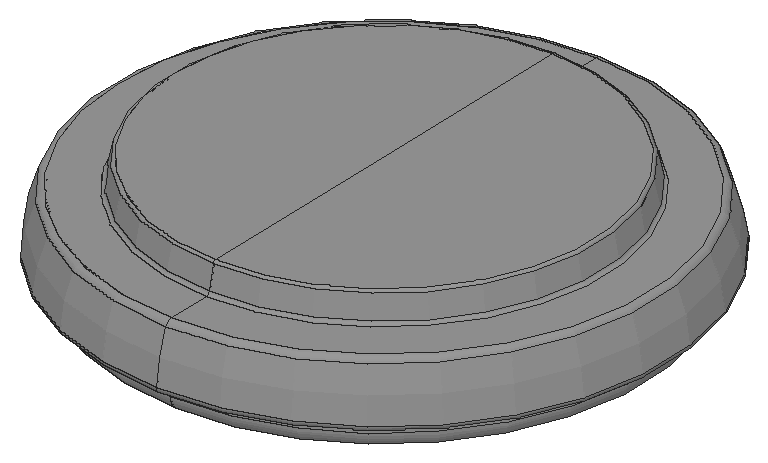
Revit family "FMK11_63_UN_Surface-mounted_ETK", category Lighting Fixtures, Revit 2017 (continued)
Definition of nested family "FMK.1 - Lightsource"
  Types (13, lengths in mm): name | Wattage Comments | Photometric Web File | built-in parameter 1150142 | Apparent Load
      7\t845.6279\t837.2505\t828.7046\r\n820.8892\t808.5294\t794.6828\t780.7313\t766.7399\t753.3042\t736.8157\t717.376\t698.4828\t679.6018\r\n660.7454\t640.362\t616.5052\t593.2118\t569.9003\t546.5645\t521.7449\t492.9603\t464.7713\t436.5529\r\n408.4089\t380.2993\t352.2163\t324.1871\t296.1648\t295.0992\t58.3298\t0\t0\t0\r\n0\t0\t0\t0\t0\t0\r\n874.5378\t873.1787\t871.8906\t869.4225\t865.4741\t861.5098\t853.6663\t845.5419\t837.3296\t828.966\r\n820.9946\t808.168\t794.4658\t780.6698\t766.7676\t753.3828\t735.9125\t717.1808\t698.4002\t679.6289\r\n661.3763\t639.5511\t616.3854\t593.1622\t569.9268\t547.3452\t520.7008\t492.559\t464.4021\t436.3034\r\n408.2306\t380.1924\t352.1746\t324.1506\t296.1435\t291.7229\t42.0496\t0\t0\t0\r\n0\t0\t0\t0\t0\t0\r\n874.5378\t873.1872\t871.8792\t869.3796\t865.4501\t861.5019\t853.6048\t845.4724\t837.3383\t829.125\r\n821.257\t808.0996\t794.2463\t780.4905\t766.783\t753.4813\t735.7151\t717.0553\t698.4012\t679.7154\r\n661.4284\t639.2059\t616.1027\t593.032\t569.9375\t547.3608\t520.2839\t492.1925\t464.1315\t436.0946\r\n408.059\t380.0439\t352.0407\t324.044\t296.0592\t287.2616\t29.2412\t0\t0\t0\r\n0\t0\t0\t0\t0\t0\r\n874.5378\t873.1946\t871.8708\t869.3429\t865.3511\t861.4654\t853.522\t845.3876\t837.3038\t829.213\r\n821.3983\t808.0589\t794.2785\t780.4806\t766.7138\t753.3578\t735.4135\t716.9221\t698.3876\t679.8174\r\n661.6144\t639.1454\t616.089\t593.0322\t569.9791\t547.3253\t519.937\t491.9011\t463.8912\t435.8826\r\n407.9047\t379.9152\t351.9308\t323.9706\t296.0103\t282.4648\t19.3452\t0\t0\t0\r\n0\t0\t0\t0\t0\t0\r\n874.5378\t873.2008\t871.8658\t869.3122\t865.3181\t861.3444\t853.4315\t845.314\t837.1882\t829.0836\r\n821.3316\t807.9939\t794.3269\t780.6068\t766.7932\t753.2953\t735.1635\t716.7098\t698.244\t679.7566\r\n661.541\t638.9137\t615.9516\t592.9558\t569.9576\t547.2581\t519.6607\t491.6764\t463.7221\t435.7385\r\n407.7559\t379.7909\t351.82\t323.8538\t295.9054\t277.7253\t11.876\t0\t0\t0\r\n0\t0\t0\t0\t0\t0\r\n874.5378\t873.2063\t871.8819\t869.2874\t865.299\t861.3052\t853.3055\t845.2393\t837.1371\t829.0142\r\n821.0261\t807.611\t794.0568\t780.5616\t766.9301\t753.4319\t735.1638\t716.7034\t698.239\t679.8087\r\n661.5455\t638.787\t615.8396\t592.8931\t569.9362\t547.1758\t519.4196\t491.4447\t463.4832\t435.5123\r\n407.5575\t379.6062\t351.6484\t323.704\t295.7593\t273.5651\t6.4599\t0\t0\t0\r\n0\t0\t0\t0\t0\t0\r\n874.5378\t873.2105\t871.8807\t869.2628\t865.2938\t861.3005\t853.2621\t845.2028\t837.128\t829.06\r\n821.0427\t807.5309\t793.9063\t780.3313\t766.755\t753.2447\t734.942\t716.5464\t698.1597\t679.7663\r\n661.4406\t638.6005\t615.6694\t592.7384\t569.8083\t546.9635\t519.1064\t491.1625\t463.2285\t435.2879\r\n407.3554\t379.4271\t351.4835\t323.553\t295.6103\t270.2942\t2.8007\t0\t0\t0\r\n0\t0\t0\t0\t0\t0\r\n874.5378\t873.2137\t871.8805\t869.2526\t865.3191\t861.3779\t853.3055\t845.2304\t837.1334\t829.0749\r\n821.0348\t807.4942\t793.9368\t780.3801\t766.8224\t753.2824\t734.9445\t716.5876\t698.2309\t679.8615\r\n661.5194\t638.5978\t615.6583\t592.7294\t569.7867\t546.8703\t518.9484\t491.0018\t463.0691\t435.1272\r\n407.1843\t379.2411\t351.3004\t323.3593\t295.4183\t268.1597\t0.6894\t0\t0\t0\r\n0\t0\t0\t0\t0\t0\r\n874.5378\t873.2162\t871.8817\t869.2512\t865.3246\t861.398\t853.3139\t845.2299\t837.1587\t829.0747\r\n820.9909\t807.4275\t793.8644\t780.3012\t766.7379\t753.1619\t734.7868\t716.3988\t698.0109\t679.6229\r\n661.2479\t638.3686\t615.4767\t592.5977\t569.7187\t546.8395\t518.879\t490.9314\t462.9709\t435.0106\r\n407.0501\t379.1025\t351.142\t323.1814\t295.2209\t267.2733\t0\t0\t0\t0\r\n0\t0\t0\t0\t0\t0\r\n874.5378\t873.2174\t871.8842\t869.2581\t865.33\t861.4047\t853.311\t845.2056\t837.0739\t828.9462\r\n820.8403\t807.3318\t793.812\t780.2968\t766.7726\t753.2824\t734.8778\t716.4489\t698.0158\t679.5644\r\n661.1377\t638.226\t615.3145\t592.3919\t569.4886\t546.6473\t518.7089\t490.7526\t462.7876\t434.832\r\n406.8651\t378.8974\t350.9408\t322.9721\t295.0166\t267.7135\t0.6882\t0\t0\t0\r\n0\t0\t0\t0\t0\t0\r\n874.5378\t873.2177\t871.8879\t869.2735\t865.3469\t861.3799\t853.2844\t845.155\t837.0176\t828.8619\r\n820.7739\t807.3132\t793.8041\t780.2628\t766.7183\t753.2454\t734.8257\t716.3247\t697.8308\t679.3293\r\n660.9416\t638.108\t615.1923\t592.2845\t569.3639\t546.5397\t518.6258\t490.6343\t462.6452\t434.6416\r\n406.6545\t378.671\t350.6837\t322.6904\t294.7068\t269.3434\t2.7907\t0\t0\t0\r\n0\t0\t0\t0\t0\t0\r\n874.5378\t873.2169\t871.8926\t869.3412\t865.3486\t861.3804\t853.3\t845.1503\t837.0129\t828.8406\r\n820.781\t807.3419\t793.7647\t780.1949\t766.6136\t753.1874\t734.828\t716.2947\t697.7396\t679.1926\r\n660.798\t638.0135\t615.0616\t592.1117\t569.1699\t546.4236\t518.594\t490.5681\t462.5307\t434.4953\r\n406.4633\t378.4463\t350.4245\t322.4064\t294.4018\t272.1014\t6.4249\t0\t0\t0\r\n0\t0\t0\t0\t0\t0\r\n874.5378\t873.2152\t871.9278\t869.3558\t865.3439\t861.3861\t853.3487\t845.1726\t836.967\t828.727\r\n820.664\t807.3077\t793.6823\t780.0565\t766.3986\t753.0359\t734.7796\t716.1724\t697.5441\t678.9154\r\n660.5438\t637.9001\t614.9125\t591.9018\t568.8701\t546.1409\t518.4497\t490.3558\t462.2465\t434.1892\r\n406.1466\t378.1144\t350.0904\t322.0724\t294.0605\t275.7519\t11.7902\t0\t0\t0\r\n0\t0\t0\t0\t0\t0\r\n874.5378\t873.2125\t871.9301\t869.3625\t865.3333\t861.4025\t853.3886\t845.1642\t836.8993\t828.5519\r\n820.5008\t807.2182\t793.5762\t779.9097\t766.2426\t752.8677\t734.7486\t716.0623\t697.3795\t678.6902\r\n660.3598\t637.8116\t614.703\t591.6\t568.5132\t545.9536\t518.4934\t490.3721\t462.235\t434.1121\r\n405.9648\t377.8798\t349.8149\t321.752\t293.7119\t279.934\t19.1677\t0\t0\t0\r\n0\t0\t0\t0\t0\t0\r\n874.5378\t873.2087\t871.9283\t869.3615\t865.3142\t861.4034\t853.4312\t845.153\t836.7716\t828.2778\r\n820.2997\t807.3122\t793.6719\t779.8871\t766.0274\t752.6458\t734.7694\t716.0323\t697.2557\t678.4638\r\n660.1817\t637.9182\t614.73\t591.4671\t568.2176\t545.5107\t518.3416\t490.1876\t462.0312\t433.8869\r\n405.7513\t377.6234\t349.5079\t321.3916\t293.2989\t284.1544\t28.9161\t0\t0\t0\r\n0\t0\t0\t0\t0\t0\r\n874.5378\t873.2038\t871.9226\t869.3526\t865.2926\t861.396\t853.4883\t845.0821\t836.5563\t828.1191\r\n820.3394\t807.5393\t793.6652\t779.7566\t765.8495\t752.4732\t734.8709\t715.9857\t697.1124\t678.2287\r\n659.8486\t637.8277\t614.451\t591.1489\t567.8835\t545.2682\t518.535\t490.2868\t462.0508\t433.819\r\n405.599\t377.4086\t349.2259\t321.0734\t292.9314\t288.0436\t41.5021\t0\t0\t0\r\n0\t0\t0\t0\t0\t0\r\n874.5378\t873.1653\t871.9129\t869.3206\t865.2668\t861.4007\t853.4932\t844.934\t836.47\t828.0812\r\n820.2094\t807.6214\t793.6578\t779.6636\t765.5934\t752.0593\t735.5085\t715.9368\t696.9351\t677.8584\r\n658.7356\t638.292\t614.4044\t591.0443\t567.6866\t544.304\t519.3028\t490.3332\t461.9982\t433.6833\r\n405.3974\t377.1517\t348.9276\t320.723\t292.5515\t290.8817\t57.4609\t0\t0\t0\r\n0\t0\t0\t0\t0\t0\r\n874.5378\t873.1594\t871.8996\t869.3025\t865.2375\t861.3385\t853.4196\t844.908\t836.4832\t827.9292\r\n819.9316\t807.7258\t793.6464\t779.4456\t765.2737\t751.0757\t735.6312\t715.9911\t696.7548\t677.5122\r\n658.3453\t638.4048\t614.4245\t590.8503\t567.3218\t543.8124\t519.3638\t490.4245\t462.0381\t433.6563\r\n405.2967\t376.956\t348.6364\t320.3659\t292.1286\t291.9233\t77.4293\t0\t0\t0\r\n0\t0\t0\t0\t0\t0\r\n874.5378\t873.1534\t871.8827\t869.2822\t865.215\t861.238\t853.4466\t844.9759\t836.4204\t827.7241\r\n818.9191\t808.4396\t793.5628\t779.3941\t765.1038\t750.8009\t735.6841\t715.8661\t696.6742\t677.3612\r\n657.9261\t638.2092\t614.3411\t590.6648\t567.015\t543.4159\t519.4623\t490.6092\t462.0416\t433.4799\r\n405.0336\t376.6498\t348.2942\t319.9803\t291.7083\t263.4712\t160.4034\t0\t0\t0\r\n0\t0\t0\t0\t0\t0\r\n874.5378\t873.1477\t871.8619\t869.2593\t865.1716\t861.0587\t853.5235\t845.0092\t836.3294\t827.5569\r\n818.5312\t808.4001\t793.7203\t779.3638\t764.9143\t750.195\t735.4562\t716.0883\t696.5906\t677.0308\r\n657.4478\t637.9207\t614.2992\t590.5998\t566.774\t542.8288\t519.1553\t490.67\t462.0466\t433.4484\r\n404.8989\t376.4164\t347.9938\t319.613\t291.2777\t263.0144\t184.51\t0\t0\t0\r\n0\t0\t0\t0\t0\t0\r\n874.5378\t873.1423\t871.8214\t869.2343\t865.1225\t860.9335\t854.1648\t845.025\t836.2902\t827.3501\r\n818.0969\t808.537\t793.8403\t779.2954\t764.5287\t749.9304\t735.4085\t716.1846\t696.4574\t676.7315\r\n656.9624\t637.7089\t614.426\t590.2698\t566.3735\t542.4149\t518.8773\t490.8972\t462.1599\t433.4591\r\n404.7836\t376.1976\t347.6786\t319.2432\t290.8385\t262.4971\t206.9558\t0\t0\t0\r\n0\t0\t0\t0\t0\t0\r\n874.5378\t873.1371\t871.7974\t869.2045\t865.0709\t860.8053\t854.2772\t845.095\t836.2942\t827.0798\r\n817.8728\t808.475\t793.9383\t779.1604\t764.5213\t749.55\t734.9988\t716.2734\t696.4663\t676.581\r\n656.5889\t636.4035\t615.0402\t590.3719\t566.1577\t541.9601\t518.3775\t491.169\t462.2869\t433.4958\r\n404.7142\t375.9673\t347.3617\t318.8732\t290.4122\t262.0192\t226.7248\t0\t0\t0\r\n0\t0\t0\t0\t0\t0\r\n874.5378\t873.1321\t871.7723\t869.1765\t865.0118\t860.1806\t854.362\t845.25\t836.2505\t826.93\r\n817.5699\t808.2184\t794.0459\t779.3879\t764.3095\t749.0823\t733.7856\t717.1666\t696.5144\t676.2573\r\n656.1331\t635.9858\t615.1213\t590.3305\t565.9234\t541.5204\t517.1911\t492.0191\t462.4518\t433.5271\r\n404.7176\t375.8832\t347.0934\t318.4429\t289.9088\t261.4666\t242.4907\t0\t0\t0\r\n0\t0\t0\t0\t0\t0\r\n874.5378\t873.1276\t871.7463\t869.1475\t865.1507\t860.059\t854.4649\t845.3869\t836.1791\t826.8843\r\n817.1853\t807.8265\t794.4898\t779.3946\t764.1011\t748.7048\t733.2358\t717.1317\t696.5003\t676.2439\r\n655.8685\t635.3524\t614.9014\t590.4089\t565.8118\t541.1035\t516.5141\t492.0967\t462.8679\t433.6426\r\n404.5624\t375.6186\t346.7992\t318.0818\t289.4678\t260.9595\t252.9585\t20.8546\t0\t0\r\n0\t0\t0\t0\t0\t0\r\n874.5378\t873.1239\t871.7193\t869.1177\t865.1083\t859.9445\t854.5656\t845.5213\t836.2176\t826.7529\r\n816.8356\t806.7715\t795.3953\t779.4412\t763.9771\t748.401\t732.6044\t716.8924\t696.7922\t676.2588\r\n655.5476\t634.8207\t614.4939\t590.5547\t565.6334\t540.9101\t516.0191\t491.6092\t463.0361\t433.7875\r\n404.6152\t375.564\t346.5899\t317.7396\t289.041\t260.4697\t256.5419\t50.1377\t0\t0\r\n0\t0\t0\t0\t0\t0\r\n874.5378\t873.1205\t871.6917\t869.088\t865.0614\t859.8254\t854.696\t845.6292\t836.3411\t826.5904\r\n816.5157\t806.4174\t795.3129\t779.5699\t763.935\t748.09\t732.0432\t716.4675\t697.1364\t676.2838\r\n655.3747\t634.3634\t613.1904\t591.2615\t565.7319\t540.5021\t515.3078\t490.357\t464.0817\t434.0702\r\n404.678\t375.4752\t346.3727\t317.3755\t288.5998\t260.0059\t231.5276\t139.1196\t0\t0\r\n0\t0\t0\t0\t0\t0\r\n874.5378\t873.1177\t871.6635\t869.0711\t864.9875\t859.7376\t854.7265\t845.8345\t836.4197\t826.4806\r\n816.3763\t805.8271\t795.1493\t779.78\t763.9449\t747.8715\t731.5665\t715.166\t697.934\t676.4773\r\n655.282\t633.8937\t612.5424\t591.1011\t565.5151\t540.2392\t514.9713\t489.6705\t464.1712\t434.3641\r\n404.731\t375.3413\t346.1916\t317.1283\t288.2271\t259.5707\t231.0395\t174.8013\t0\t0\r\n0\t0\t0\t0\t0\t0\r\n874.5378\t873.116\t871.6347\t869.0359\t864.9399\t859.6699\t854.6911\t846.1371\t836.4834\t826.4067\r\n816.1692\t805.3173\t794.7319\t780.0969\t764.0892\t747.6697\t731.16\t714.4374\t697.8291\t676.7816\r\n655.2197\t633.5857\t611.8363\t590.2859\t565.8254\t540.2301\t514.5244\t488.963\t463.7469\t434.6274\r\n404.9771\t375.3701\t346.1398\t317.0251\t288.0575\t259.1972\t230.5239\t201.8916\t0\t0\r\n0\t0\t0\t0\t0\t0\r\n874.5378\t873.1148\t871.6158\t868.9965\t864.8958\t859.6228\t854.5539\t846.9346\t836.6099\t826.434\r\n815.8987\t804.8756\t793.4616\t781.0043\t764.1974\t747.5878\t730.8089\t713.8387\t697.2788\t677.7096\r\n655.2755\t633.3498\t611.2471\t589.1307\t566.4573\t540.1616\t514.2104\t488.2458\t462.4791\t435.5946\r\n405.4232\t375.8301\t346.2261\t316.7072\t287.5218\t258.6241\t229.9821\t218.3677\t1.4181\t0\r\n0\t0\t0\t0\t0\t0\r\n874.5378\t873.1148\t871.4135\t868.9531\t864.8549\t859.6285\t853.8801\t847.1239\t836.7793\t826.5441\r\n815.7209\t804.4914\t792.8131\t780.9909\t764.4069\t747.6091\t730.5763\t713.3911\t695.7965\t677.7394\r\n655.5639\t633.3302\t610.8652\t588.3311\t566.0526\t540.2697\t513.9696\t487.7843\t461.8169\t436.139\r\n405.9376\t375.7012\t345.8734\t316.3979\t287.1674\t258.2025\t229.5371\t201.0972\t32.7229\t0\r\n0\t0\t0\t0\t0\t0\r\n874.5378\t873.1157\t871.3857\t868.9059\t864.8122\t859.6005\t853.7184\t847.1913\t837.0206\t826.6294\r\n815.616\t804.1579\t792.2489\t780.4548\t765.3739\t747.7684\t730.5646\t712.9603\t694.896\t677.3758\r\n656.0919\t633.3533\t610.5914\t587.7431\t564.6955\t540.9183\t514.0502\t487.6357\t461.3264\t435.1559\r\n405.9745\t375.8016\t345.8653\t316.2427\t286.935\t257.8439\t229.0565\t200.5588\t121.0597\t0\r\n0\t0\t0\t0\t0\t0\r\n874.5378\t873.1177\t871.3597\t868.8558\t864.7772\t859.7448\t853.6086\t847.202\t837.3244\t826.7335\r\n815.5778\t803.8469\t791.7841\t779.024\t765.575\t748.0615\t730.6251\t712.4963\t694.3063\t675.9674\r\n656.8183\t633.6318\t610.607\t587.2134\t563.8414\t540.7799\t514.3458\t487.3942\t460.3847\t433.6203\r\n406.7012\t376.1007\t346.025\t316.1688\t286.6386\t257.483\t228.6307\t200.1164\t160.7352\t0\r\n0\t0\t0\t0\t0\t0\r\n874.5378\t873.1212\t871.3356\t868.8035\t864.7448\t859.719\t853.4741\t847.1241\t838.2115\t826.9282\r\n815.6445\t803.6467\t791.2839\t778.254\t765.3459\t748.6475\t730.727\t712.354\t693.8963\t675.1001\r\n656.3422\t634.29\t610.6206\t586.987\t563.2278\t539.5079\t514.9576\t487.2022\t460.0115\t432.8361\r\n406.3086\t376.5481\t346.1577\t316.142\t286.4688\t257.1646\t228.2272\t199.6965\t184.1784\t0\r\n0\t0\t0\t0\t0\t0\r\n874.5378\t873.1145\t871.314\t868.7321\t864.7135\t859.6655\t853.3469\t846.9525\t838.4615\t827.1968\r\n815.7365\t803.6001\t790.8859\t777.6638\t764.0429\t749.641\t730.8533\t712.4239\t693.6634\t674.2428\r\n654.8376\t634.939\t611.0564\t586.9622\t562.8648\t538.5218\t514.5308\t487.5065\t459.793\t432.2548\r\n404.8905\t377.3325\t346.4513\t316.1859\t286.3269\t256.9216\t227.9008\t199.2861\t171.0833\t13.5537\r\n0\t0\t0\t0\t0\t0\r\n874.5378\t873.121\t871.2949\t868.6813\t864.6788\t859.6312\t853.2314\t846.1805\t838.5617\t827.5539\r\n815.8193\t803.5894\t790.5657\t777.1774\t763.3604\t749.328\t731.42\t712.6464\t693.4122\t673.7662\r\n653.9971\t634.2925\t612.1104\t587.234\t562.5508\t537.8733\t513.1983\t488.0585\t459.8235\t431.9327\r\n404.1247\t376.8938\t346.8206\t316.3736\t286.2989\t256.6393\t227.5328\t198.9022\t170.7269\t95.826\r\n0\t0\t0\t0\t0\t0\r\n874.5378\t873.1291\t871.2788\t868.6317\t864.6465\t859.5948\t853.1034\t845.9697\t838.5155\t828.5216\r\n816.0557\t803.6552\t790.4234\t776.8017\t762.6863\t747.6885\t732.3331\t713.1796\t693.4286\t673.628\r\n653.1886\t632.5632\t611.9623\t587.64\t562.6594\t537.6045\t512.3105\t487.0388\t460.2501\t431.7975\r\n403.4774\t375.5256\t347.5951\t316.5358\t286.2562\t256.4913\t227.2516\t198.5803\t170.4139\t138.7329\r\n0\t0\t0\t0\t0\t0\r\n874.5378\t873.1388\t871.2657\t868.5826\t864.6294\t859.5546\t853.1889\t845.8159\t838.3052\t828.8487\r\n816.422\t803.8295\t790.4635\t776.5827\t762.0723\t746.82\t731.8552\t714.2479\t693.7426\t673.5293\r\n652.767\t631.6128\t610.3441\t588.5692\t563.178\t537.5467\t511.8293\t486.0864\t460.5385\t431.7477\r\n403.1944\t374.7977\t346.5468\t316.9346\t286.3472\t256.3941\t227.0229\t198.2733\t170.0903\t157.0797\r\n0\t0\t0\t0\t0\t0\r\n874.5378\t873.1505\t871.256\t868.5337\t864.5865\t859.5105\t853.1272\t845.68\t837.4588\t828.8802\r\n817.4628\t804.0723\t790.6168\t776.5061\t761.5862\t746.234\t730.4012\t714.0986\t694.4553\t673.7138\r\n652.6378\t631.1459\t609.1639\t587.2184\t564.3104\t537.9385\t511.6362\t485.4307\t458.9262\t432.5432\r\n403.2478\t374.1903\t345.588\t317.4117\t286.5868\t256.3884\t226.8101\t197.9286\t169.7587\t142.2332\r\n15.3877\t0\t0\t0\t0\t0\r\n874.5378\t873.1636\t871.2498\t868.4851\t864.5387\t859.4745\t853.0702\t845.5771\t837.2036\t828.5819\r\n817.8174\t804.487\t790.9119\t776.5205\t761.2558\t745.6894\t729.579\t712.5164\t695.2834\t674.1984\r\n652.6249\t630.8842\t608.6019\t586.018\t563.8156\t539.0285\t511.9566\t485.117\t458.2418\t431.4959\r\n403.7599\t374.021\t344.904\t316.2618\t286.9509\t256.4055\t226.6742\t197.7113\t169.4703\t141.9483\r\n95.6387\t0\t0\t0\t0\t0\r\n874.5378\t873.5098\t871.2267\t868.278\t864.4866\t859.4118\t853.0367\t845.6354\t837.0122\t827.6477\r\n817.9097\t805.561\t791.3484\t776.6668\t761.2566\t745.4178\t728.9\t711.6739\t693.8556\t675.3117\r\n653.3052\t630.8282\t608.2066\t585.2483\t561.936\t538.7421\t512.7239\t485.3117\t457.9568\t430.4454\r\n403.4266\t374.1861\t344.6473\t315.3828\t286.9586\t256.6718\t226.6229\t197.4194\t169.169\t141.7479\r\n125.3471\t0\t0\t0\t0\t0\r\n874.5378\t873.5227\t871.2275\t868.2453\t864.431\t859.3441\t852.9896\t845.4866\t836.8872\t827.3282\r\n817.6471\t805.9092\t791.9213\t776.9897\t761.5455\t745.4342\t728.4893\t711.049\t692.69\t673.8086\r\n654.4018\t631.5171\t608.3001\t584.9162\t560.8979\t536.9279\t513.0703\t486.0902\t458.028\t430.067\r\n402.1238\t374.5874\t344.6359\t314.9025\t285.7982\t257.0599\t226.6311\t197.3071\t168.8828\t141.4334\r\n114.8731\t0\t0\t0\t0\t0\r\n874.5378\t873.5349\t871.2334\t868.2237\t864.3725\t859.2714\t852.9462\t845.3866\t836.9784\t827.1172\r\n816.6734\t805.8343\t792.8486\t777.4676\t761.9559\t745.6219\t728.3185\t710.6289\t691.924\t672.6898\r\n652.8374\t632.3913\t608.8941\t584.91\t560.5142\t536.0413\t511.0861\t486.3543\t458.9473\t430.3095\r\n401.9068\t373.1601\t345.0868\t314.9285\t285.0522\t256.0766\t226.8682\t197.1838\t168.6311\t141.1251\r\n114.6214\t60.2228\t0\t0\t0\t0\r\n874.5378\t873.5458\t871.2448\t868.2083\t864.3112\t859.1953\t852.8983\t845.2954\t836.8971\t827.1911\r\n816.3399\t804.9019\t792.8084\t778.5099\t762.5278\t746.0604\t728.5511\t710.5034\t691.4999\t672.0505\r\n651.8754\t630.8979\t609.8459\t585.4278\t560.7367\t535.6639\t510.2662\t484.5213\t459.1174\t432.045\r\n401.8711\t372.6592\t343.8669\t315.2541\t284.9713\t255.3465\t226.7838\t197.2532\t168.4032\t140.7993\r\n114.2915\t96.6496\t0\t0\t0\t0\r\n874.5378\t873.5557\t871.2622\t868.2096\t864.1101\t859.1164\t852.8482\t845.2125\t836.8076\t827.1135\r\n816.0988\t804.5976\t791.8516\t778.5898\t763.6657\t746.7498\t729.1884\t710.6738\t691.4724\t671.6182\r\n651.2187\t629.8478\t608.131\t585.9732\t561.9811\t535.8747\t509.8258\t483.6913\t457.3199\t430.6847\r\n402.9534\t372.8541\t343.2873\t314.2282\t285.4745\t255.0861\t225.7388\t197.5241\t168.3476\t140.4965\r\n113.9128\t88.563\t0\t0\t0\t0\r\n874.5378\t873.5644\t871.285\t868.223\t864.0799\t859.0026\t852.7954\t845.1374\t836.7131\t827.023\r\n816.1214\t804.415\t791.466\t777.7002\t763.6838\t747.8125\t730.5324\t711.2154\t691.8818\t671.5319\r\n650.8249\t629.3124\t607.0958\t584.2255\t561.0655\t
